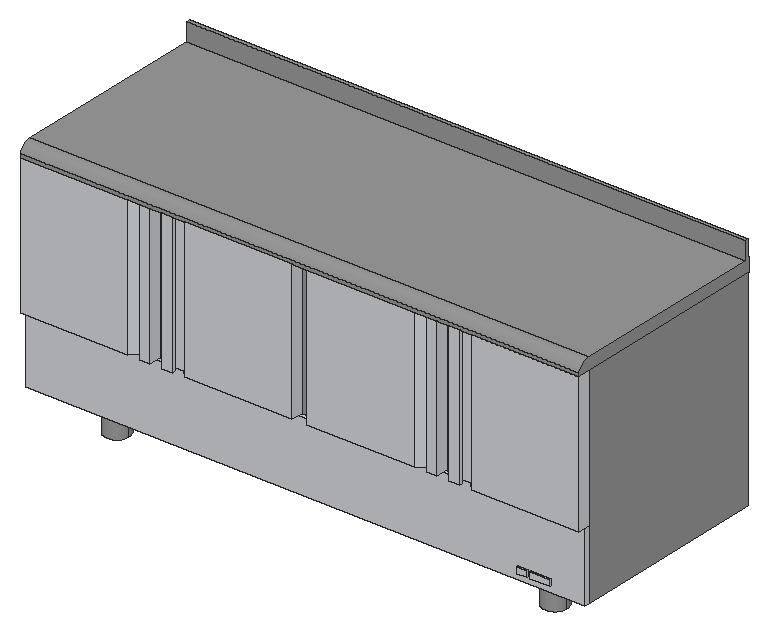
Revit family "Холодильные столы низкотемпературные", category Оборудование, Revit 2020 (continued)
Automatic sketch dimensions
  curve 434 to curve 438 = 2.5 mm
  curve 479 to curve 483 = 2.5 mm
  curve 419 to curve 423 = 2.5 mm
  curve 439 to curve 443 = 2.5 mm
  curve 459 to curve 463 = 2.5 mm
  curve 499 to curve 503 = 2.5 mm
  curve 469 to curve 474 = 15 mm
  curve 449 to curve 454 = 15 mm
  curve 419 to curve 414 = 15 mm
  curve 429 to curve 434 = 15 mm
  curve 489 to curve 494 = 15 mm
  curve 444 to curve 449 = 15 mm
  curve 464 to curve 469 = 15 mm
  curve 424 to curve 419 = 15 mm
  curve 424 to curve 429 = 15 mm
  curve 494 to curve 489 = 15 mm
  curve 504 to curve 499 = 15 mm
  curve 464 to curve 459 = 15 mm
  curve 484 to curve 479 = 15 mm
  curve 444 to curve 439 = 15 mm
  curve 533 to Extrusion 27 = 20 mm
  curve 509 to curve 512 = 0 mm
  curve 508 to curve 509 = 0 mm
  curve 507 to curve 508 = 0 mm
  curve 506 to curve 507 = 0 mm
  curve 505 to curve 506 = 0 mm
  curve 409 to Extrusion 27 = 20 mm
  curve 385 to curve 388 = 0 mm
  curve 384 to curve 385 = 0 mm
  curve 383 to curve 384 = 0 mm
  curve 382 to curve 383 = 0 mm
  curve 381 to curve 382 = 0 mm
  curve 381 to curve 376 = 10 mm
  curve 377 to curve 376 = 0 mm
  curve 378 to curve 377 = 0 mm
  curve 379 to curve 378 = 0 mm
  curve 380 to curve 379 = 0 mm
  curve 505 to curve 532 = 10 mm
  curve 409 to curve 408 = 10 mm
  curve 512 to curve 504 = 10 mm
  curve 509 to curve 503 = 10 mm
  curve 508 to curve 502 = 10 mm
  curve 500 to curve 532 = 0 mm
  curve 501 to curve 500 = 0 mm
  curve 504 to curve 499 = 10 mm
  curve 498 to curve 499 = 0 mm
  curve 497 to curve 498 = 0 mm
  curve 496 to curve 497 = 0 mm
  curve 408 to curve 407 = 10 mm
  curve 376 to curve 371 = 10 mm
  curve 376 to curve 372 = 10 mm
  curve 377 to curve 373 = 10 mm
  curve 532 to curve 531 = 10 mm
  curve 495 to curve 496 = 0 mm
  curve 378 to curve 374 = 10 mm
  curve 379 to curve 375 = 10 mm
  curve 496 to curve 491 = 10 mm
  curve 496 to curve 492 = 10 mm
  curve 497 to curve 493 = 10 mm
  curve 490 to curve 491 = 0 mm
  curve 498 to curve 494 = 10 mm
  curve 530 to curve 490 = 0 mm
  curve 407 to curve 406 = 10 mm
  curve 375 to curve 370 = 10 mm
  curve 369 to curve 370 = 0 mm
  curve 368 to curve 369 = 0 mm
  curve 367 to curve 368 = 0 mm
  curve 366 to curve 367 = 0 mm
  curve 406 to curve 405 = 10 mm
  curve 367 to curve 361 = 10 mm
  curve 362 to curve 361 = 0 mm
  curve 363 to curve 362 = 0 mm
  curve 364 to curve 363 = 0 mm
  curve 490 to curve 485 = 10 mm
  curve 486 to curve 485 = 0 mm
  curve 487 to curve 486 = 0 mm
  curve 488 to curve 487 = 0 mm
  curve 365 to curve 364 = 0 mm
  curve 530 to curve 529 = 10 mm
  curve 489 to curve 488 = 0 mm
  curve 361 to curve 404 = 10 mm
  curve 489 to curve 483 = 10 mm
  curve 485 to curve 528 = 10 mm
  curve 489 to curve 484 = 10 mm
  curve 488 to curve 482 = 10 mm
  curve 487 to curve 481 = 10 mm
  curve 480 to curve 528 = 0 mm
  curve 356 to curve 404 = 0 mm
  curve 357 to curve 356 = 0 mm
  curve 358 to curve 357 = 0 mm
  curve 359 to curve 358 = 0 mm
  curve 360 to curve 359 = 0 mm
  curve 359 to curve 355 = 10 mm
  curve 354 to curve 355 = 0 mm
  curve 353 to curve 354 = 0 mm
  curve 352 to curve 353 = 0 mm
  curve 351 to curve 352 = 0 mm
  curve 482 to curve 477 = 10 mm
  curve 476 to curve 477 = 0 mm
  curve 475 to curve 476 = 0 mm
  curve 403 to curve 351 = 0 mm
  curve 482 to curve 478 = 10 mm
  curve 528 to curve 527 = 10 mm
  curve 484 to curve 479 = 10 mm
  curve 476 to curve 471 = 10 mm
  curve 354 to curve 350 = 10 mm
  curve 349 to curve 350 = 0 mm
  curve 348 to curve 349 = 0 mm
  curve 403 to curve 402 = 10 mm
  curve 527 to curve 526 = 10 mm
  curve 527 to curve 470 = 10 mm
  curve 476 to curve 472 = 10 mm
  curve 477 to curve 473 = 10 mm
  curve 478 to curve 474 = 10 mm
  curve 347 to curve 348 = 0 mm
  curve 346 to curve 347 = 0 mm
  curve 350 to curve 345 = 10 mm
  curve 470 to curve 465 = 10 mm
  curve 402 to curve 401 = 10 mm
  curve 474 to curve 469 = 10 mm
  curve 470 to curve 525 = 10 mm
  curve 474 to curve 468 = 10 mm
  curve 473 to curve 467 = 10 mm
  curve 472 to curve 466 = 10 mm
  curve 350 to curve 344 = 10 mm
  curve 349 to curve 343 = 10 mm
  curve 348 to curve 342 = 10 mm
  curve 347 to curve 341 = 10 mm
  curve 525 to curve 524 = 10 mm
  curve 469 to curve 464 = 10 mm
  curve 401 to curve 400 = 10 mm
  curve 469 to curve 463 = 10 mm
  curve 468 to curve 462 = 10 mm
  curve 467 to curve 461 = 10 mm
  curve 466 to curve 460 = 10 mm
  curve 336 to curve 400 = 0 mm
  curve 337 to curve 336 = 0 mm
  curve 345 to curve 340 = 10 mm
  curve 345 to curve 339 = 10 mm
  curve 344 to curve 338 = 10 mm
  curve 461 to curve 457 = 10 mm
  curve 400 to curve 399 = 10 mm
  curve 462 to curve 458 = 10 mm
  curve 463 to curve 459 = 10 mm
  curve 340 to curve 335 = 10 mm
  curve 524 to curve 523 = 10 mm
  curve 334 to curve 335 = 0 mm
  curve 333 to curve 334 = 0 mm
  curve 332 to curve 333 = 0 mm
  curve 331 to curve 332 = 0 mm
  curve 524 to curve 455 = 10 mm
  curve 460 to curve 456 = 10 mm
  curve 331 to curve 327 = 10 mm
  curve 332 to curve 328 = 10 mm
  curve 333 to curve 329 = 10 mm
  curve 334 to curve 330 = 10 mm
  curve 523 to curve 450 = 10 mm
  curve 399 to curve 326 = 10 mm
  curve 459 to curve 454 = 10 mm
  curve 453 to curve 454 = 0 mm
  curve 452 to curve 453 = 0 mm
  curve 451 to curve 452 = 0 mm
  curve 522 to curve 450 = 0 mm
  curve 399 to curve 398 = 10 mm
  curve 330 to curve 325 = 10 mm
  curve 330 to curve 324 = 10 mm
  curve 329 to curve 323 = 10 mm
  curve 328 to curve 322 = 10 mm
  curve 327 to curve 321 = 10 mm
  curve 326 to curve 397 = 10 mm
  curve 450 to curve 521 = 10 mm
  curve 454 to curve 449 = 10 mm
  curve 454 to curve 448 = 10 mm
  curve 453 to curve 447 = 10 mm
  curve 452 to curve 446 = 10 mm
  curve 445 to curve 521 = 0 mm
  curve 449 to curve 444 = 10 mm
  curve 449 to curve 443 = 10 mm
  curve 448 to curve 442 = 10 mm
  curve 447 to curve 441 = 10 mm
  curve 446 to curve 440 = 10 mm
  curve 521 to curve 520 = 10 mm
  curve 322 to curve 316 = 10 mm
  curve 317 to curve 316 = 0 mm
  curve 318 to curve 317 = 0 mm
  curve 319 to curve 318 = 0 mm
  curve 325 to curve 320 = 10 mm
  curve 321 to curve 396 = 10 mm
  curve 396 to curve 395 = 10 mm
  curve 440 to curve 435 = 10 mm
  curve 440 to curve 436 = 10 mm
  curve 441 to curve 437 = 10 mm
  curve 442 to curve 438 = 10 mm
  curve 443 to curve 439 = 10 mm
  curve 519 to curve 435 = 0 mm
  curve 320 to curve 315 = 10 mm
  curve 314 to curve 315 = 0 mm
  curve 317 to curve 313 = 10 mm
  curve 312 to curve 313 = 0 mm
  curve 311 to curve 312 = 0 mm
  curve 313 to curve 309 = 10 mm
  curve 314 to curve 310 = 10 mm
  curve 308 to curve 309 = 0 mm
  curve 307 to curve 308 = 0 mm
  curve 439 to curve 434 = 10 mm
  curve 306 to curve 307 = 0 mm
  curve 395 to curve 394 = 10 mm
  curve 433 to curve 434 = 0 mm
  curve 432 to curve 433 = 0 mm
  curve 519 to curve 518 = 10 mm
  curve 431 to curve 432 = 0 mm
  curve 430 to curve 431 = 0 mm
  curve 434 to curve 429 = 10 mm
  curve 434 to curve 428 = 10 mm
  curve 433 to curve 427 = 10 mm
  curve 432 to curve 426 = 10 mm
  curve 430 to curve 517 = 10 mm
  curve 431 to curve 425 = 10 mm
  curve 306 to curve 393 = 10 mm
  curve 310 to curve 305 = 10 mm
  curve 307 to curve 301 = 10 mm
  curve 310 to curve 304 = 10 mm
  curve 309 to curve 303 = 10 mm
  curve 308 to curve 302 = 10 mm
  curve 429 to curve 424 = 10 mm
  curve 429 to curve 423 = 10 mm
  curve 428 to curve 422 = 10 mm
  curve 427 to curve 421 = 10 mm
  curve 426 to curve 420 = 10 mm
  curve 517 to curve 516 = 10 mm
  curve 301 to curve 392 = 10 mm
  curve 296 to curve 392 = 0 mm
  curve 297 to curve 296 = 0 mm
  curve 298 to curve 297 = 0 mm
  curve 305 to curve 300 = 10 mm
  curve 305 to curve 299 = 10 mm
  curve 296 to curve 292 = 10 mm
  curve 291 to curve 292 = 0 mm
  curve 297 to curve 293 = 10 mm
  curve 516 to curve 415 = 10 mm
  curve 420 to curve 416 = 10 mm
  curve 421 to curve 417 = 10 mm
  curve 422 to curve 418 = 10 mm
  curve 300 to curve 295 = 10 mm
  curve 294 to curve 295 = 0 mm
  curve 391 to curve 386 = 10 mm
  curve 423 to curve 419 = 10 mm
  curve 515 to curve 510 = 10 mm
  curve 416 to curve 412 = 10 mm
  curve 411 to curve 412 = 0 mm
  curve 410 to curve 411 = 0 mm
  curve 417 to curve 413 = 10 mm
  curve 291 to curve 287 = 10 mm
  curve 292 to curve 288 = 10 mm
  curve 293 to curve 289 = 10 mm
  curve 294 to curve 290 = 10 mm
  curve 418 to curve 414 = 10 mm
  curve 286 to curve 287 = 0 mm
  Extrusion 28 sketch curve to Extrusion 2 = 37.295 mm
  Extrusion 28 sketch curve to Extrusion 2 = 160 mm
  Extrusion 28 sketch curve to Extrusion 28 sketch curve = 66.042 mm
  Extrusion 28 sketch curve to Extrusion 28 sketch curve = 20 mm
  Extrusion 29 sketch curve to Extrusion 2 = 37.295 mm
  Extrusion 29 sketch curve to Extrusion 2 = 137.5 mm
  Extrusion 29 sketch curve to Extrusion 29 sketch curve = 31.374 mm
  Extrusion 29 sketch curve to Extrusion 29 sketch curve = 20 mm
  Extrusion 30 sketch curve to Extrusion 2 = 0 mm  (x2)
  Extrusion 30 sketch curve to Extrusion 2 = 340 mm
  Extrusion 30 sketch curve to Extrusion 30 sketch curve = 340.013 mm
  curve 537 to Extrusion 30 = 70 mm
  curve 537 to curve 537 = 160 mm
  Extrusion 31 sketch curve to Extrusion 2 = 248 mm
  Extrusion 31 sketch curve to Extrusion 31 sketch curve = 98.531 mm
  Extrusion 31 sketch curve to Extrusion 2 = 275 mm
  Extrusion 31 sketch curve to Extrusion 31 sketch curve = 20 mm
  Extrusion 32 sketch curve to Extrusion 2 = 111.877 mm
  Extrusion 32 sketch curve to Extrusion 32 sketch curve = 20 mm  (x2)
  Extrusion 32 sketch curve to Extrusion 2 = 275 mm
  curve 686 to Extrusion 2 = 38 mm
  curve 538 to curve 719 = 20 mm
  curve 719 to curve 154 = 12 mm
  curve 680 to curve 149 = 12 mm
  curve 104 to curve 647 = 3 mm
  curve 647 to curve 721 = 20 mm
  curve 688 to curve 149 = 7 mm
  curve 694 to curve 702 = 14.5 mm
  curve 534 to curve 546 = 20 mm
  curve 696 to curve 14 = 5 mm
  curve 562 to curve 581 = 14 mm
  curve 105 to curve 723 = 15 mm
  curve 702 to curve 724 = 14.5 mm
  curve 704 to curve 150 = 0.5 mm
  curve 564 to curve 565 = 20 mm
  curve 15 to curve 151 = 12.5 mm
  curve 565 to curve 583 = 13.5 mm
  curve 106 to curve 725 = 7 mm
  curve 663 to curve 671 = 15 mm
  curve 583 to curve 601 = 20 mm
  curve 712 to curve 151 = 8 mm
  curve 584 to curve 602 = 13.5 mm
  curve 106 to curve 727 = 12 mm
  curve 712 to curve 18 = 0.5 mm
  curve 718 to curve 743 = 15 mm
  curve 602 to curve 603 = 20 mm
  curve 737 to curve 19 = 15.5 mm
  curve 619 to curve 621 = 15 mm
  curve 107 to curve 728 = 4.5 mm
  curve 737 to curve 20 = 8 mm
  curve 108 to curve 755 = 7 mm
  curve 755 to curve 772 = 20 mm
  curve 764 to curve 153 = 3 mm
  curve 621 to curve 283 = 42 mm
  curve 770 to curve 789 = 15 mm
  curve 773 to curve 773 = 20.001 mm
  curve 279 to curve 535 = 25 mm
  curve 7 to curve 601 = 25 mm
  curve 564 to curve 562 = 0 mm
  curve 638 to curve 536 = 0 mm
  curve 602 to curve 600 = 0 mm
  curve 581 to curve 565 = 160 mm
  curve 535 to curve 564 = 0 mm
  curve 622 to curve 534 = 0 mm
  curve 620 to curve 621 = 0 mm
  curve 601 to curve 602 = 0 mm
  curve 534 to curve 158 = 65 mm
  curve 4 to curve 723 = 35 mm
  curve 694 to curve 702 = 0 mm
  curve 10 to curve 770 = 35 mm
  curve 724 to curve 702 = 0 mm
  curve 745 to curve 770 = 0 mm
  curve 686 to curve 694 = 0 mm
  curve 726 to curve 710 = 0 mm
  curve 770 to curve 20 = 60 mm
  curve 19 to curve 20 = 0 mm
  curve 16 to curve 18 = 0 mm
  curve 15 to curve 16 = 0 mm
  curve 16 to curve 663 = 90 mm
  curve 728 to curve 663 = 0 mm
  curve 11 to curve 539 = 90 mm
  curve 671 to curve 663 = 0 mm
  curve 655 to curve 663 = 0 mm
  curve 647 to curve 655 = 0 mm
  curve 755 to curve 728 = 0 mm
  curve 538 to curve 544 = 22 mm
  curve 28 to Extrusion 2 = 50 mm
  curve 12 to curve 542 = 11.567 mm
  curve 686 to curve 719 = 0 mm
  curve 169 to curve 169 = 30 mm
  curve 550 to curve 205 = 0.5 mm
  curve 245 to curve 577 = 3.5 mm
  curve 201 to curve 587 = 4.5 mm
  curve 590 to curve 216 = 5.5 mm
  curve 609 to curve 217 = 4.5 mm
  curve 187 to curve 621 = 0.5 mm
  curve 247 to curve 248 = 12.5 mm
  curve 243 to curve 633 = 8 mm
  curve 228 to curve 630 = 8 mm
  curve 233 to curve 631 = 8 mm
  curve 238 to curve 632 = 8 mm
  curve 248 to curve 634 = 8 mm
  curve 253 to curve 635 = 8 mm
  curve 258 to curve 636 = 8 mm
  curve 263 to curve 637 = 8 mm
  curve 268 to curve 638 = 8 mm
  curve 218 to curve 628 = 8 mm
  curve 213 to curve 627 = 8 mm
  curve 208 to curve 626 = 8 mm
  curve 203 to curve 625 = 8 mm
  curve 198 to curve 624 = 8 mm
  curve 193 to curve 623 = 8 mm
  curve 188 to curve 622 = 8 mm
  curve 223 to curve 629 = 8 mm
  curve 638 to curve 536 = 0.123 mm
  curve 622 to curve 534 = 0.123 mm
  curve 271 to curve 583 = 5 mm
  curve 1 to curve 269 = 20 mm
  curve 270 to curve 562 = 5 mm
  curve 272 to curve 602 = 5 mm
  curve 273 to curve 638 = 5 mm
  curve 274 to curve 269 = 10 mm
  curve 2 to curve 278 = 10 mm
  curve 277 to curve 272 = 10 mm
  curve 7 to curve 276 = 10 mm
  curve 275 to curve 270 = 10 mm
  curve 280 to curve 4 = 0 mm
  curve 281 to curve 6 = 0 mm
  curve 282 to curve 8 = 0 mm
  curve 600 to curve 266 = 5 mm
  curve 581 to curve 265 = 5 mm
  curve 269 to curve 264 = 10 mm
  curve 602 to curve 267 = 5 mm
  curve 273 to curve 268 = 10 mm
  curve 265 to curve 580 = 5 mm
  curve 268 to curve 637 = 5 mm
  curve 267 to curve 618 = 5 mm
  curve 265 to curve 561 = 5 mm
  curve 266 to curve 599 = 5 mm
  curve 561 to curve 260 = 5 mm
  curve 561 to curve 259 = 5 mm
  curve 618 to curve 262 = 5 mm
  curve 599 to curve 261 = 5 mm
  curve 268 to curve 263 = 10 mm
  curve 580 to curve 579 = 10 mm
  curve 259 to curve 560 = 5 mm
  curve 262 to curve 636 = 5 mm
  curve 618 to curve 617 = 10 mm
  curve 261 to curve 598 = 5 mm
  curve 579 to curve 255 = 5 mm
  curve 636 to curve 258 = 5 mm
  curve 636 to curve 257 = 5 mm
  curve 598 to curve 256 = 5 mm
  curve 560 to curve 254 = 5 mm
  curve 257 to curve 616 = 5 mm
  curve 254 to curve 559 = 5 mm
  curve 579 to curve 578 = 10 mm
  curve 257 to curve 635 = 5 mm
  curve 256 to curve 597 = 5 mm
  curve 597 to curve 251 = 5 mm
  curve 258 to curve 253 = 10 mm
  curve 635 to curve 252 = 5 mm
  curve 254 to curve 249 = 10 mm
  curve 559 to curve 250 = 5 mm
  curve 578 to curve 577 = 10 mm
  curve 252 to curve 634 = 5 mm
  curve 251 to curve 596 = 5 mm
  curve 252 to curve 615 = 5 mm
  curve 250 to curve 558 = 5 mm
  curve 558 to curve 245 = 5 mm
  curve 634 to curve 248 = 5 mm
  curve 596 to curve 246 = 5 mm
  curve 615 to curve 247 = 5 mm
  curve 558 to curve 244 = 5 mm
  curve 245 to curve 557 = 5 mm
  curve 577 to curve 576 = 10 mm
  curve 615 to curve 614 = 10 mm
  curve 246 to curve 595 = 5 mm
  curve 248 to curve 633 = 5 mm
  curve 557 to curve 239 = 5 mm
  curve 557 to curve 240 = 5 mm
  curve 595 to curve 241 = 5 mm
  curve 614 to curve 242 = 5 mm
  curve 633 to curve 243 = 5 mm
  curve 240 to curve 556 = 5 mm
  curve 242 to curve 632 = 5 mm
  curve 241 to curve 594 = 5 mm
  curve 576 to curve 575 = 10 mm
  curve 614 to curve 613 = 10 mm
  curve 613 to curve 237 = 5 mm
  curve 594 to curve 236 = 5 mm
  curve 575 to curve 235 = 5 mm
  curve 556 to curve 234 = 5 mm
  curve 243 to curve 238 = 10 mm
  curve 235 to curve 555 = 5 mm
  curve 613 to curve 612 = 10 mm
  curve 575 to curve 574 = 10 mm
  curve 236 to curve 593 = 5 mm
  curve 238 to curve 631 = 5 mm
  curve 631 to curve 232 = 5 mm
  curve 234 to curve 229 = 10 mm
  curve 555 to curve 230 = 5 mm
  curve 593 to curve 231 = 5 mm
  curve 238 to curve 233 = 10 mm
  curve 230 to curve 554 = 5 mm
  curve 574 to curve 573 = 10 mm
  curve 231 to curve 592 = 5 mm
  curve 612 to curve 611 = 10 mm
  curve 232 to curve 630 = 5 mm
  curve 592 to curve 226 = 5 mm
  curve 573 to curve 225 = 5 mm
  curve 611 to curve 227 = 5 mm
  curve 554 to curve 224 = 5 mm
  curve 630 to curve 228 = 5 mm
  curve 228 to curve 629 = 5 mm
  curve 573 to curve 572 = 10 mm
  curve 225 to curve 553 = 5 mm
  curve 227 to curve 610 = 5 mm
  curve 226 to curve 591 = 5 mm
  curve 610 to curve 222 = 5 mm
  curve 591 to curve 221 = 5 mm
  curve 629 to curve 223 = 5 mm
  curve 224 to curve 219 = 10 mm
  curve 572 to curve 220 = 5 mm
  curve 220 to curve 571 = 5 mm
  curve 223 to curve 628 = 5 mm
  curve 610 to curve 609 = 10 mm
  curve 221 to curve 590 = 5 mm
  curve 219 to curve 552 = 5 mm
  curve 552 to curve 214 = 5 mm
  curve 552 to curve 215 = 5 mm
  curve 590 to curve 216 = 5 mm
  curve 609 to curve 217 = 5 mm
  curve 628 to curve 218 = 5 mm
  curve 218 to curve 627 = 5 mm
  curve 215 to curve 551 = 5 mm
  curve 216 to curve 589 = 5 mm
  curve 609 to curve 608 = 10 mm
  curve 215 to curve 570 = 5 mm
  curve 214 to curve 209 = 10 mm
  curve 551 to curve 210 = 5 mm
  curve 218 to curve 213 = 10 mm
  curve 589 to curve 211 = 5 mm
  curve 608 to curve 212 = 5 mm
  curve 212 to curve 607 = 5 mm
  curve 211 to curve 588 = 5 mm
  curve 570 to curve 569 = 10 mm
  curve 212 to curve 626 = 5 mm
  curve 210 to curve 550 = 5 mm
  curve 550 to curve 205 = 5 mm
  curve 588 to curve 206 = 5 mm
  curve 550 to curve 204 = 5 mm
  curve 213 to curve 208 = 10 mm
  curve 626 to curve 207 = 5 mm
  curve 205 to curve 568 = 5 mm
  curve 204 to curve 549 = 5 mm
  curve 206 to curve 587 = 5 mm
  curve 208 to curve 625 = 5 mm
  curve 207 to curve 606 = 5 mm
  curve 208 to curve 203 = 10 mm
  curve 204 to curve 199 = 10 mm
  curve 568 to curve 200 = 5 mm
  curve 587 to curve 201 = 5 mm
  curve 606 to curve 202 = 5 mm
  curve 200 to curve 567 = 5 mm
  curve 606 to curve 605 = 10 mm
  curve 199 to curve 548 = 5 mm
  curve 202 to curve 624 = 5 mm
  curve 201 to curve 586 = 5 mm
  curve 567 to curve 195 = 5 mm
  curve 586 to curve 196 = 5 mm
  curve 548 to curve 194 = 5 mm
  curve 624 to curve 197 = 5 mm
  curve 624 to curve 198 = 5 mm
  curve 604 to curve 603 = 10 mm
  curve 197 to curve 623 = 5 mm
  curve 566 to curve 564 = 10 mm
  curve 195 to curve 547 = 5 mm
  curve 196 to curve 585 = 5 mm
  curve 198 to curve 193 = 10 mm
  curve 623 to curve 192 = 5 mm
  curve 585 to curve 191 = 5 mm
  curve 566 to curve 190 = 5 mm
  curve 547 to curve 189 = 5 mm
  curve 189 to curve 184 = 10 mm
  curve 546 to curve 185 = 5 mm
  curve 583 to curve 186 = 5 mm
  curve 602 to curve 187 = 5 mm
  curve 193 to curve 188 = 10 mm
  curve 188 to curve 183 = 10 mm
  curve 187 to curve 182 = 10 mm
  curve 186 to curve 181 = 10 mm
  curve 185 to curve 180 = 10 mm
  curve 184 to curve 179 = 10 mm
  curve 183 to curve 178 = 10 mm
  curve 182 to curve 177 = 10 mm
  curve 181 to curve 176 = 10 mm
  curve 180 to curve 175 = 10 mm
  curve 179 to curve 174 = 10 mm
  curve 178 to curve 173 = 10 mm
  curve 177 to curve 172 = 10 mm
  curve 176 to curve 171 = 10 mm
  curve 175 to curve 170 = 10 mm
  curve 174 to curve 169 = 10 mm
  curve 173 to curve 168 = 10 mm
  curve 172 to curve 167 = 10 mm
  curve 171 to curve 166 = 10 mm
  curve 170 to curve 165 = 10 mm
  curve 169 to curve 164 = 10 mm
  curve 168 to curve 163 = 10 mm
  curve 167 to curve 162 = 10 mm
  curve 166 to curve 161 = 10 mm
  curve 165 to curve 160 = 10 mm
  curve 164 to curve 159 = 10 mm
  curve 157 to curve 9 = 0 mm
  curve 156 to curve 7 = 0 mm
  curve 155 to curve 5 = 0 mm
  curve 710 to curve 709 = 10 mm
  curve 718 to curve 717 = 10 mm
  curve 743 to curve 742 = 10 mm
  curve 694 to curve 693 = 10 mm
  curve 539 to curve 685 = 10 mm
  curve 770 to curve 769 = 10 mm
  curve 702 to curve 701 = 10 mm
  curve 540 to curve 787 = 10 mm
  curve 787 to curve 786 = 10 mm
  curve 769 to curve 768 = 10 mm
  curve 685 to curve 684 = 10 mm
  curve 717 to curve 716 = 10 mm
  curve 701 to curve 700 = 10 mm
  curve 742 to curve 741 = 10 mm
  curve 693 to curve 692 = 10 mm
  curve 709 to curve 708 = 10 mm
  curve 716 to curve 715 = 10 mm
  curve 708 to curve 707 = 10 mm
  curve 768 to curve 767 = 10 mm
  curve 741 to curve 740 = 10 mm
  curve 700 to curve 699 = 10 mm
  curve 684 to curve 683 = 10 mm
  curve 692 to curve 691 = 10 mm
  curve 786 to curve 785 = 10 mm
  curve 715 to curve 714 = 10 mm
  curve 740 to curve 739 = 10 mm
  curve 691 to curve 690 = 10 mm
  curve 683 to curve 682 = 10 mm
  curve 785 to curve 784 = 10 mm
  curve 699 to curve 698 = 10 mm
  curve 767 to curve 766 = 10 mm
  curve 707 to curve 706 = 10 mm
  curve 714 to curve 713 = 10 mm
  curve 690 to curve 689 = 10 mm
  curve 766 to curve 765 = 10 mm
  curve 682 to curve 681 = 10 mm
  curve 784 to curve 783 = 10 mm
  curve 706 to curve 705 = 10 mm
  curve 739 to curve 738 = 10 mm
  curve 698 to curve 697 = 10 mm
  curve 696 to curve 14 = 0 mm
  curve 737 to curve 19 = 0 mm
  curve 704 to curve 15 = 0 mm
  curve 712 to curve 17 = 0 mm
  curve 783 to curve 782 = 10 mm
  curve 681 to curve 680 = 10 mm
  curve 688 to curve 11 = 0 mm
  curve 764 to curve 20 = 0 mm
  curve 704 to curve 703 = 10 mm
  curve 12 to curve 148 = 10 mm
  curve 19 to curve 147 = 10 mm
  curve 688 to curve 687 = 10 mm
  curve 17 to curve 146 = 10 mm
  curve 763 to curve 148 = 0 mm
  curve 736 to curve 147 = 0 mm
  curve 782 to curve 781 = 10 mm
  curve 696 to curve 695 = 10 mm
  curve 711 to curve 146 = 0 mm
  curve 145 to curve 703 = 0 mm
  curve 144 to curve 687 = 0 mm
  curve 680 to curve 679 = 10 mm
  curve 146 to curve 141 = 10 mm
  curve 145 to curve 140 = 10 mm
  curve 147 to curve 142 = 10 mm
  curve 678 to curve 142 = 0 mm
  curve 148 to curve 143 = 10 mm
  curve 144 to curve 139 = 10 mm
  curve 679 to curve 646 = 10 mm
  curve 781 to curve 780 = 10 mm
  curve 762 to curve 143 = 0 mm
  curve 654 to curve 139 = 0 mm
  curve 662 to curve 140 = 0 mm
  curve 735 to curve 142 = 0 mm
  curve 670 to curve 141 = 0 mm
  curve 143 to curve 138 = 10 mm
  curve 735 to curve 734 = 10 mm
  curve 670 to curve 669 = 10 mm
  curve 761 to curve 138 = 0 mm
  curve 139 to curve 134 = 10 mm
  curve 662 to curve 661 = 10 mm
  curve 135 to curve 661 = 0 mm
  curve 136 to curve 669 = 0 mm
  curve 677 to curve 136 = 0 mm
  curve 653 to curve 134 = 0 mm
  curve 137 to curve 677 = 0 mm
  curve 780 to curve 779 = 10 mm
  curve 646 to curve 645 = 10 mm
  curve 734 to curve 733 = 10 mm
  curve 645 to curve 644 = 10 mm
  curve 653 to curve 652 = 10 mm
  curve 677 to curve 676 = 10 mm
  curve 661 to curve 660 = 10 mm
  curve 669 to curve 668 = 10 mm
  curve 138 to curve 133 = 10 mm
  curve 132 to curve 733 = 0 mm
  curve 131 to curve 676 = 0 mm
  curve 779 to curve 778 = 10 mm
  curve 760 to curve 133 = 0 mm
  curve 130 to curve 668 = 0 mm
  curve 129 to curve 652 = 0 mm
  curve 644 to curve 643 = 10 mm
  curve 760 to curve 759 = 10 mm
  curve 778 to curve 777 = 10 mm
  curve 652 to curve 651 = 10 mm
  curve 676 to curve 675 = 10 mm
  curve 660 to curve 659 = 10 mm
  curve 124 to curve 651 = 0 mm
  curve 125 to curve 659 = 0 mm
  curve 131 to curve 126 = 10 mm
  curve 127 to curve 675 = 0 mm
  curve 128 to curve 759 = 0 mm
  curve 667 to curve 126 = 0 mm
  curve 732 to curve 127 = 0 mm
  curve 667 to curve 666 = 10 mm
  curve 128 to curve 123 = 10 mm
  curve 659 to curve 658 = 10 mm
  curve 675 to curve 674 = 10 mm
  curve 124 to curve 119 = 10 mm
  curve 127 to curve 122 = 10 mm
  curve 650 to curve 119 = 0 mm
  curve 121 to curve 674 = 0 mm
  curve 777 to curve 776 = 10 mm
  curve 758 to curve 123 = 0 mm
  curve 120 to curve 666 = 0 mm
  curve 731 to curve 122 = 0 mm
  curve 643 to curve 642 = 10 mm
  curve 642 to curve 641 = 10 mm
  curve 731 to curve 730 = 10 mm
  curve 123 to curve 118 = 10 mm
  curve 776 to curve 775 = 10 mm
  curve 757 to curve 118 = 0 mm
  curve 117 to curve 730 = 0 mm
  curve 666 to curve 665 = 10 mm
  curve 650 to curve 649 = 10 mm
  curve 121 to curve 116 = 10 mm
  curve 115 to curve 665 = 0 mm
  curve 114 to curve 649 = 0 mm
  curve 658 to curve 657 = 10 mm
  curve 673 to curve 116 = 0 mm
  curve 657 to curve 656 = 10 mm
  curve 117 to curve 112 = 10 mm
  curve 118 to curve 113 = 10 mm
  curve 116 to curve 111 = 10 mm
  curve 775 to curve 774 = 10 mm
  curve 672 to curve 112 = 0 mm
  curve 115 to curve 110 = 10 mm
  curve 730 to curve 729 = 10 mm
  curve 109 to curve 656 = 0 mm
  curve 664 to curve 110 = 0 mm
  curve 648 to curve 109 = 0 mm
  curve 756 to curve 113 = 0 mm
  curve 641 to curve 640 = 10 mm
  curve 105 to curve 663 = 0 mm
  curve 104 to curve 647 = 0 mm
  curve 106 to curve 671 = 0 mm
  curve 107 to curve 671 = 0 mm
  curve 108 to curve 755 = 0 mm
  curve 104 to curve 99 = 10 mm
  curve 105 to curve 100 = 10 mm
  curve 106 to curve 101 = 10 mm
  curve 108 to curve 103 = 10 mm
  curve 107 to curve 102 = 10 mm
  curve 99 to curve 94 = 10 mm
  curve 100 to curve 95 = 10 mm
  curve 103 to curve 98 = 10 mm
  curve 102 to curve 97 = 10 mm
  curve 101 to curve 96 = 10 mm
  curve 98 to curve 93 = 10 mm
  curve 97 to curve 92 = 10 mm
  curve 96 to curve 91 = 10 mm
  curve 95 to curve 90 = 10 mm
  curve 94 to curve 89 = 10 mm
  curve 544 to curve 754 = 14.567 mm
  curve 92 to curve 87 = 10 mm
  curve 91 to curve 86 = 10 mm
  curve 93 to curve 88 = 10 mm
  curve 90 to curve 85 = 10 mm
  curve 89 to curve 84 = 10 mm
  curve 87 to curve 82 = 10 mm
  curve 86 to curve 81 = 10 mm
  curve 85 to curve 80 = 10 mm
  curve 84 to curve 79 = 10 mm
  curve 88 to curve 83 = 10 mm
  curve 754 to curve 753 = 15 mm
  curve 81 to curve 76 = 10 mm
  curve 80 to curve 75 = 10 mm
  curve 79 to curve 74 = 10 mm
  curve 82 to curve 77 = 10 mm
  curve 83 to curve 78 = 10 mm
  curve 753 to curve 752 = 15 mm
  curve 78 to curve 73 = 10 mm
  curve 77 to curve 72 = 10 mm
  curve 76 to curve 71 = 10 mm
  curve 75 to curve 70 = 10 mm
  curve 74 to curve 69 = 10 mm
  curve 73 to curve 68 = 10 mm
  curve 72 to curve 67 = 10 mm
  curve 71 to curve 66 = 10 mm
  curve 70 to curve 65 = 10 mm
  curve 69 to curve 64 = 10 mm
  curve 752 to curve 751 = 15 mm
  curve 67 to curve 62 = 10 mm
  curve 66 to curve 61 = 10 mm
  curve 68 to curve 63 = 10 mm
  curve 65 to curve 60 = 10 mm
  curve 64 to curve 59 = 10 mm
  curve 751 to curve 750 = 15 mm
  curve 61 to curve 56 = 10 mm
  curve 60 to curve 55 = 10 mm
  curve 59 to curve 54 = 10 mm
  curve 62 to curve 57 = 10 mm
  curve 63 to curve 58 = 10 mm
  curve 56 to curve 51 = 10 mm
  curve 57 to curve 52 = 10 mm
  curve 58 to curve 53 = 10 mm
  curve 55 to curve 50 = 10 mm
  curve 54 to curve 49 = 10 mm
  curve 750 to curve 749 = 15 mm
  curve 52 to curve 47 = 10 mm
  curve 49 to curve 44 = 10 mm
  curve 50 to curve 45 = 10 mm
  curve 51 to curve 46 = 10 mm
  curve 53 to curve 48 = 10 mm
  curve 749 to curve 748 = 15 mm
  curve 45 to curve 40 = 10 mm
  curve 44 to curve 39 = 10 mm
  curve 48 to curve 43 = 10 mm
  curve 47 to curve 42 = 10 mm
  curve 46 to curve 41 = 10 mm
  curve 39 to curve 34 = 10 mm
  curve 40 to curve 35 = 10 mm
  curve 41 to curve 36 = 10 mm
  curve 43 to curve 38 = 10 mm
  curve 42 to curve 37 = 10 mm
  curve 748 to curve 747 = 15 mm
  curve 36 to curve 31 = 10 mm
  curve 34 to curve 29 = 10 mm
  curve 38 to curve 33 = 10 mm
  curve 32 to curve 19 = 10 mm
  curve 35 to curve 30 = 10 mm
  curve 746 to curve 542 = 15 mm
  curve 27 to curve 19 = 0 mm
  curve 26 to curve 17 = 0 mm
  curve 25 to curve 15 = 0 mm
  radius of Extrusion 6 sketch curve = 40 mm
  radius of Extrusion 8 sketch curve = 40 mm
Connectors
  electrical at (0, 0, 465)
    settings: on Extrusion 1, index 1, voltage 230 V, apparent load 0 VA, apparent load phase1 0 VA, apparent load phase2 0 VA, apparent load phase3 0 VA, power factor 1, load classification "Прочее", number of poles 1, system type 31, power factor state 1, is connector primary yes, connector utility no, sub classification motor no, connector description ""
Types (13, lengths in mm): name | Ширина | Число дверей | Цена, руб | Условия окр. среды (темп/влажн) | Таблица поиска | Столешница квадр. | Столешница закругл. | Размеры в упоковке, мм | Объем, л | Нижняя панель упр. | Нижнее распол. Дверь -2 | Нижнее распол Дверь -1 | Количество дверей | Дверь GC | Дверь G-4 | Дверь G-3 | Дверь G-2 | Дверь G - 1 | Глубина | Габаритные размеры, мм | Вес нетто/брутто, кг | Боковая панель упр. (3 решетки) | Боковая панель упр.
  (no name) | 1850 | 2 | "94 940" | "до +32" | "ТB" | no | yes | "2000х714х1040" | "368" | yes | yes | yes | "4" | no | no | no | no | no | 700 | "1850х700х850/910" | "-" | no | no
  TB4GN-GC | 2060 | 4 | "96 366" | "до +43/до 80" | "ТB" | yes | no | "2165х815х1045" | "600" | no | no | no | "4" | yes | no | no | no | no | 705 | "2060х705х850/910" | "165/200" | no | yes
  TBi4-G | 1850 | 2 | "90 200" | "до +32" | "ТB" | no | yes | "2000х714х1040" | "306" | yes | yes | yes | "4" | no | no | no | no | no | 600 | "1850х600х850/910" | "-" | no | no
  TBi-2G | 900 | 2 | "55 654" | "до +32" | "ТB" | no | yes | "1045х714х1040" | "153" | yes | no | yes | "2" | no | no | no | no | no | 600 | "900х600х850/910" | "-" | no | no
  TBi3-G | 1375 | 2 | "74 046" | "до +32" | "ТМ" | no | yes | "1520х714х1040" | "230" | yes | no | yes | "3" | no | no | no | no | no | 600 | "1375х600х850/910" | "-" | no | no
  TB2GN-G | 1200 | 2 | "66 371" | "до +25/до 60" | "ТB" | yes | no | "1310х815х1045" | "320" | no | no | no | "2" | no | no | no | yes | yes | 705 | "1200х705х850/910" | "130/150" | yes | no
  TB3GN-G | 1630 | 2 | "81 374" | "до +25/до 60" | "ТB" | yes | no | "1725х815х1045" | "450" | no | no | no | "3" | no | yes | no | yes | yes | 705 | "1630х705х850/910" | "150/180" | yes | no
  TB4GN-G | 2060 | 2 | "99 631" | "до +25/до  60" | "ТB" | yes | no | "2165х815х1045" | "600" | no | no | no | "4" | no | yes | yes | yes | yes | 705 | "2060х705х850/910" | "165/200" | yes | no
  TBi2GN-G | 900 | 2 | "57 045" | "до +32" | "ТB" | no | yes | "1045х814х1040" | "184" | yes | no | yes | "2" | no | no | no | no | no | 700 | "900х700х850/910" | "-" | no | no
  TBi3GN-G | 1375 | 2 | "77 500" | "до +32" | "ТМ" | no | yes | "1520х814х1040" | "276" | yes | no | yes | "3" | no | no | no | no | no | 700 | "1375х700х850/910" | "-" | no | no
  TBi4GN-G | 1850 | 2 | "94 940" | "до +32" | "ТB" | no | yes | "2000х714х1040" | "368" | yes | yes | yes | "4" | no | no | no | no | no | 700 | "1850х700х850/910" | "-" | no | no
  TB2GN-GC | 1200 | 2 | "64 271" | "до +25/до 60" | "ТB" | no | yes | "1310х815х1045" | "320" | no | no | no | "2" | no | no | no | yes | yes | 705 | "1200х705х850/910" | "130/150" | no | yes
  TB3GN-GC | 1630 | 2 | "78 376" | "до +25/до 60" | "ТB" | no | yes | "1725х815х1045" | "450" | no | no | no | "3" | no | yes | no | yes | yes | 705 | "1630х705х850/910" | "150/180" | no | yes
